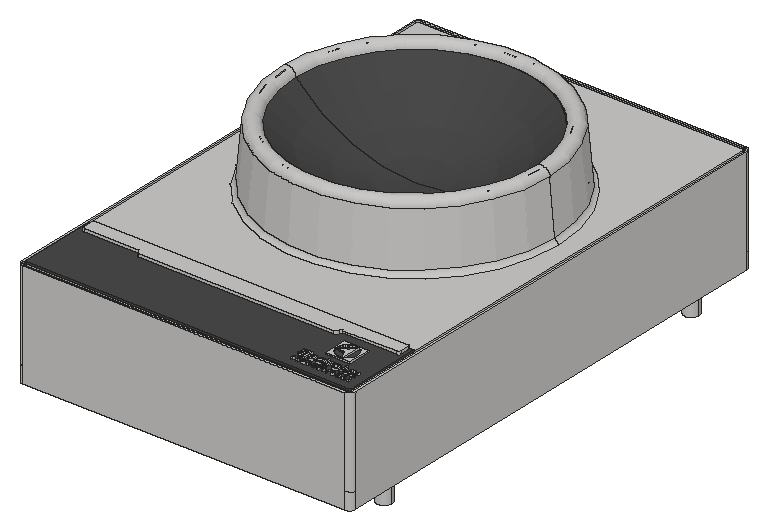
Revit family "QF_ELECTROLUXPROFESSIONAL_600881_E1HCEEOMCS", category Specialty Equipment, Revit 2018 (continued)
Automatic sketch dimensions
  Revolve 8 sketch curve to Revolve 8 sketch curve = 7.736 mm
  Revolve 8 sketch curve to Revolve 8 sketch curve = 61.636 mm
  Revolve 8 sketch curve to Revolve 8 sketch curve = 1.364 mm
  Revolve 8 sketch curve to plane 19 = 64 mm
  Revolve 9 sketch curve to plane 5 "RIGHT" = 57.203 mm
  Revolve 9 sketch curve to Revolve 9 sketch curve = 2 mm
  radius of Extrusion 5 sketch curve = 9 mm  (x4)
  radius of Extrusion 6 sketch curve = 10 mm
Nested families
  nested 1: "ELX_Logo_Professional" at (-364.269, -185.263, 916), visible <- "Show Logo", type "ELX_Logo_Professional"
Connectors
  electrical at (-442.269, 179.737, 778.028)
    settings: on Extrusion 6, index 1, voltage 0 V, apparent load 0 VA, apparent load phase1 0 VA, apparent load phase2 0 VA, apparent load phase3 0 VA, power factor 1, load classification "Altro", number of poles 1, system type 30, power factor state 1, is connector primary yes, connector utility no, sub classification motor no, connector description "Electrical"
Definition of nested family "ELX_Logo_Professional"
  Parameters (values of type "ELX_Logo_Professional")
    Default Elevation = 0 mm
  Reference planes
    plane 1 "Centro (Fronte/Retro)": y = 0
    plane 2: z = 0
    plane 3 "Centro (Sinistra/Destra)": x = 0
  Forms (mm)
    Extrusion 1, solid
      sketch origin (0, 0, 0) x (1, 0, 0) y (0, 1, 0)
        loop
          line (-1219.2, 1219.2) -> (-1219.2, -1219.2) -> (1219.2, -1219.2) -> (1219.2, 1219.2) -> (-1219.2, 1219.2)
      from 0 to -304.8
    Extrusion 2, solid
      sketch origin (-144.622, -1081.55, 0) x (-1, 0, 0) y (0, -1, 0)
        loop
          line (-130.265, -1113.361) -> (-130.265, -1084.645) -> (-158.979, -1084.645) -> (-158.979, -1113.361) -> (-130.265, -1113.361)
        loop
          arc (-146.24, -1106.937) -> (-147.076, -1109.166) -> (-147.324, -1111.534) r 9.395
          arc (-147.324, -1111.534) -> (-145.139, -1111.806) -> (-142.939, -1111.706) r 13.008
          line (-142.939, -1111.706) -> (-141.329, -1111.382) -> (-139.8, -1110.859) -> (-138.364, -1110.152) -> (-137.035, -1109.277) -> (-135.826, -1108.249) -> (-134.751, -1107.081) -> (-133.821, -1105.789) -> (-133.05, -1104.389) -> (-132.452, -1102.893) -> (-132.039, -1101.318) -> (-131.824, -1099.675) -> (-134.539, -1099.675) -> (-136.155, -1099.784) -> (-137.741, -1100.101) -> (-139.277, -1100.613) -> (-140.74, -1101.304) -> (-142.111, -1102.159) -> (-143.367, -1103.165) -> (-144.488, -1104.306) -> (-145.453, -1105.568) -> (-146.24, -1106.937)
        loop
          line (-148.67, -1086.844) -> (-150.173, -1087.464) -> (-151.57, -1088.253) -> (-152.847, -1089.196) -> (-153.992, -1090.281) -> (-154.994, -1091.494) -> (-155.841, -1092.821) -> (-156.519, -1094.25) -> (-157.018, -1095.766) -> (-157.324, -1097.357) -> (-157.427, -1099.009) -> (-157.315, -1100.685) -> (-156.998, -1102.296) -> (-156.488, -1103.827) -> (-155.799, -1105.265) -> (-154.946, -1106.596) -> (-153.94, -1107.806) -> (-152.796, -1108.882) -> (-151.528, -1109.81) -> (-150.148, -1110.576) -> (-148.67, -1111.167) -> (-148.67, -1086.844)
        loop
          arc (-147.323, -1086.473) -> (-147.041, -1088.83) -> (-146.239, -1091.065) r 10.532
          line (-146.239, -1091.065) -> (-145.452, -1092.432) -> (-144.488, -1093.693) -> (-143.367, -1094.833) -> (-142.111, -1095.838) -> (-140.741, -1096.693) -> (-139.278, -1097.383) -> (-137.743, -1097.894) -> (-136.157, -1098.211) -> (-134.541, -1098.32) -> (-131.822, -1098.32) -> (-131.976, -1096.81) -> (-132.312, -1095.353) -> (-132.818, -1093.961) -> (-133.481, -1092.644) -> (-134.291, -1091.416) -> (-135.235, -1090.288) -> (-136.302, -1089.272) -> (-137.48, -1088.379) -> (-138.757, -1087.622) -> (-140.121, -1087.012) -> (-141.56, -1086.561) -> (-143.063, -1086.281) -> (-144.633, -1086.183)
          arc (-144.633, -1086.183) -> (-145.985, -1086.264) -> (-147.323, -1086.473) r 14.39
        loop
          line (-111.329, -1069.559) -> (-111.329, -1071.073) -> (-116.048, -1071.073) -> (-116.048, -1072.896) -> (-111.328, -1072.896) -> (-111.328, -1075.549) -> (-116.349, -1075.549) -> (-116.349, -1077.368) -> (-109.396, -1077.368) -> (-109.396, -1073.46) -> (-109.396, -1069.659)
          arc (-109.396, -1069.659) -> (-110.425, -1067.175) -> (-112.909, -1066.146) r 3.513
          line (-112.909, -1066.146) -> (-116.483, -1066.146) -> (-116.483, -1067.963) -> (-112.925, -1067.963)
          arc (-112.925, -1067.963) -> (-111.797, -1068.431) -> (-111.329, -1069.559) r 1.596
        loop
          line (-119.79, -1077.358) -> (-117.856, -1077.358) -> (-117.856, -1072.053) -> (-117.856, -1066.132) -> (-119.79, -1066.132) -> (-119.79, -1072.092) -> (-119.79, -1077.358)
        loop
          line (-122.986, -1069.718) -> (-129.327, -1069.718)
          arc (-129.327, -1069.718) -> (-129.219, -1071.449) -> (-128.497, -1073.026) r 4.757
          arc (-128.497, -1073.026) -> (-125.237, -1074.5) -> (-121.978, -1073.026) r 4.34
          arc (-121.978, -1073.026) -> (-121.072, -1070.207) -> (-121.978, -1067.388) r 4.838
          arc (-121.978, -1067.388) -> (-125.393, -1065.933) -> (-128.809, -1067.388) r 4.737
          line (-128.809, -1067.388) -> (-127.645, -1068.52)
          arc (-127.645, -1068.52) -> (-125.509, -1067.576) -> (-123.374, -1068.52) r 2.888
          arc (-123.374, -1068.52) -> (-123.05, -1069.077) -> (-122.986, -1069.718) r 1.527
        loop
          arc (-127.386, -1071.076) -> (-126.67, -1072.331) -> (-125.331, -1072.872) r 2.201
          arc (-125.331, -1072.872) -> (-123.848, -1072.402) -> (-123.033, -1071.076) r 2.23
          line (-123.033, -1071.076) -> (-127.386, -1071.076)
        loop
          line (-136.862, -1071.886) -> (-138.059, -1073.132)
          arc (-138.059, -1073.132) -> (-130.327, -1070.219) -> (-138.059, -1067.306) r 4.415
          line (-138.059, -1067.306) -> (-136.862, -1068.553)
          arc (-136.862, -1068.553) -> (-132.252, -1070.22) -> (-136.862, -1071.886) r 2.606
        loop
          line (-141.192, -1069.673) -> (-141.192, -1072.494) -> (-142.951, -1072.494) -> (-142.951, -1074.25) -> (-141.195, -1074.25) -> (-141.195, -1077.358) -> (-139.262, -1077.358) -> (-139.262, -1073.332) -> (-139.262, -1069.514)
          arc (-139.262, -1069.514) -> (-140.299, -1066.92) -> (-142.98, -1066.132) r 3.196
          line (-142.98, -1066.132) -> (-142.987, -1067.949)
          arc (-142.987, -1067.949) -> (-141.652, -1068.356) -> (-141.192, -1069.673) r 1.542
        loop
          line (-146.494, -1073.042) -> (-146.494, -1074.25) -> (-144.576, -1074.25) -> (-144.576, -1070.271) -> (-144.576, -1066.132) -> (-146.494, -1066.132) -> (-146.494, -1070.401)
          arc (-146.494, -1070.401) -> (-147.446, -1072.228) -> (-149.489, -1072.494) r 2.229
          line (-149.489, -1072.494) -> (-149.489, -1074.362)
          arc (-149.489, -1074.362) -> (-147.761, -1074.226) -> (-146.494, -1073.042) r 2.627
        loop
          line (-159.833, -1072.246) -> (-159.833, -1066.131) -> (-161.767, -1066.131) -> (-161.767, -1072.17) -> (-161.767, -1077.359) -> (-159.833, -1077.359) -> (-159.833, -1072.246)
        loop
          line (-165.194, -1069.514) -> (-165.194, -1074.25) -> (-163.245, -1074.25) -> (-163.245, -1071.898) -> (-163.245, -1069.098)
          arc (-163.245, -1069.098) -> (-166.96, -1065.769) -> (-170.687, -1069.085) r 3.745
          line (-170.687, -1069.085) -> (-170.687, -1071.898) -> (-170.687, -1074.25) -> (-168.739, -1074.25) -> (-168.739, -1069.514)
          arc (-168.739, -1069.514) -> (-166.967, -1067.742) -> (-165.194, -1069.514) r 1.772
        loop
          line (-174.654, -1070.416) -> (-172.975, -1068.078) -> (-171.578, -1066.131) -> (-173.656, -1066.131) -> (-175.717, -1068.999) -> (-177.779, -1066.131) -> (-179.857, -1066.131) -> (-178, -1068.728) -> (-176.781, -1070.433) -> (-178.29, -1072.488) -> (-179.583, -1074.25) -> (-177.473, -1074.25) -> (-175.717, -1071.818) -> (-173.945, -1074.25) -> (-171.852, -1074.25) -> (-173.052, -1072.608) -> (-174.654, -1070.416)
        loop
          circle (-154.223, -1070.188) r 2.508
        loop
          circle (-154.223, -1070.188) r 4.42
        loop
          line (-110.224, -1058.542) -> (-111.194, -1058.542)
          arc (-111.194, -1058.542) -> (-112.217, -1059.95) -> (-110.924, -1061.114) r 1.3
          line (-110.924, -1061.114) -> (-109.424, -1061.114) -> (-109.424, -1057.223) -> (-110.224, -1057.223) -> (-110.224, -1058.542)
        loop
          line (-110.224, -1060.379) -> (-110.224, -1059.293) -> (-111.03, -1059.293)
          arc (-111.03, -1059.293) -> (-111.43, -1059.836) -> (-111.03, -1060.379) r 0.569
          line (-111.03, -1060.379) -> (-110.224, -1060.379)
        loop
          line (-116.302, -1058.564) -> (-117.128, -1058.564) -> (-117.934, -1057.223) -> (-118.841, -1057.223) -> (-117.833, -1058.884)
          arc (-117.833, -1058.884) -> (-118.214, -1060.282) -> (-117.028, -1061.114) r 1.26
          line (-117.028, -1061.114) -> (-115.503, -1061.114) -> (-115.503, -1057.223) -> (-116.302, -1057.223) -> (-116.302, -1058.564)
        loop
          line (-116.302, -1060.379) -> (-116.302, -1059.293) -> (-117.109, -1059.293)
          arc (-117.109, -1059.293) -> (-117.508, -1059.836) -> (-117.109, -1060.379) r 0.569
          line (-117.109, -1060.379) -> (-116.302, -1060.379)
        loop
          line (-128.923, -1057.223) -> (-129.723, -1057.223) -> (-129.723, -1058.714) -> (-131.187, -1058.714) -> (-131.187, -1059.514) -> (-129.723, -1059.514) -> (-129.723, -1060.314) -> (-131.327, -1060.314) -> (-131.327, -1061.114) -> (-128.923, -1061.114) -> (-128.923, -1057.223)
        loop
          arc (-134.628, -1058.469) -> (-134.992, -1057.588) -> (-135.874, -1057.223) r 1.246
          line (-135.874, -1057.223) -> (-137.13, -1057.223) -> (-137.13, -1058.023) -> (-135.969, -1058.023)
          arc (-135.969, -1058.023) -> (-135.53, -1058.237) -> (-135.427, -1058.714) r 0.558
          line (-135.427, -1058.714) -> (-136.984, -1058.714) -> (-136.984, -1059.514) -> (-135.427, -1059.514) -> (-135.427, -1060.314) -> (-137.092, -1060.314) -> (-137.092, -1061.114) -> (-134.628, -1061.114) -> (-134.628, -1058.469)
        loop
          line (-152.3, -1057.223) -> (-153.1, -1057.223) -> (-153.1, -1061.114) -> (-152.3, -1061.114) -> (-152.3, -1057.223)
        loop
          line (-164.67, -1057.223) -> (-164.67, -1059.67) -> (-166.45, -1057.223) -> (-167.25, -1057.223) -> (-167.25, -1061.114) -> (-166.42, -1061.114) -> (-166.42, -1058.594) -> (-164.64, -1061.114) -> (-163.84, -1061.114) -> (-163.84, -1057.223) -> (-164.67, -1057.223)
        loop
          line (-170.403, -1057.223) -> (-171.262, -1057.223) -> (-171.641, -1058.063) -> (-173.08, -1058.063) -> (-173.459, -1057.223) -> (-174.317, -1057.223) -> (-172.796, -1061.113) -> (-171.996, -1061.113) -> (-170.403, -1057.223)
        loop
          line (-177.493, -1057.223) -> (-179.789, -1057.223) -> (-179.789, -1058.023) -> (-178.293, -1058.023) -> (-178.293, -1061.114) -> (-177.493, -1061.114) -> (-177.493, -1057.223)
        loop
          line (-172.362, -1059.848) -> (-171.945, -1058.83) -> (-172.76, -1058.83) -> (-172.362, -1059.848)
        loop
          circle (-158.484, -1059.145) r 1.288
        loop
          circle (-158.484, -1059.145) r 2.065
        loop
          arc (-146.04, -1058.095) -> (-146.933, -1057.275) -> (-148.145, -1057.245) r 1.725
          arc (-148.145, -1057.245) -> (-148.965, -1058.02) -> (-148.68, -1059.111) r 1.107
          arc (-148.68, -1059.111) -> (-148.103, -1059.465) -> (-147.486, -1059.746) r 5.523
          arc (-147.486, -1059.746) -> (-147.147, -1060.262) -> (-147.708, -1060.52) r 0.407
          arc (-147.708, -1060.52) -> (-148.045, -1060.315) -> (-148.325, -1060.038) r 1.702
          line (-148.325, -1060.038) -> (-149.011, -1060.45)
          arc (-149.011, -1060.45) -> (-148.578, -1060.911) -> (-148.043, -1061.247) r 2.463
          arc (-148.043, -1061.247) -> (-146.373, -1060.466) -> (-147.42, -1058.949) r 1.207
          spline (-147.42, -1058.949) -> (-147.716, -1058.809) -> (-147.932, -1058.678) -> (-148.077, -1058.557) -> (-148.163, -1058.446) -> (-148.198, -1058.347) -> (-148.192, -1058.258) -> (-148.157, -1058.182) -> (-148.102, -1058.118) -> (-148.037, -1058.068) -> (-147.972, -1058.031) -> (-147.917, -1058.008) -> (-147.883, -1058)
          arc (-147.883, -1058) -> (-147.238, -1058.014) -> (-146.759, -1058.446) r 0.925
          line (-146.759, -1058.446) -> (-146.04, -1058.095)
        loop
          arc (-140.18, -1058.095) -> (-141.073, -1057.275) -> (-142.285, -1057.245) r 1.725
          arc (-142.285, -1057.245) -> (-143.106, -1058.02) -> (-142.821, -1059.111) r 1.107
          arc (-142.821, -1059.111) -> (-142.243, -1059.465) -> (-141.627, -1059.746) r 5.523
          arc (-141.627, -1059.746) -> (-141.287, -1060.262) -> (-141.849, -1060.52) r 0.407
          arc (-141.849, -1060.52) -> (-142.185, -1060.315) -> (-142.466, -1060.038) r 1.702
          line (-142.466, -1060.038) -> (-143.151, -1060.45)
          arc (-143.151, -1060.45) -> (-142.719, -1060.911) -> (-142.183, -1061.247) r 2.463
          arc (-142.183, -1061.247) -> (-140.513, -1060.466) -> (-141.56, -1058.949) r 1.207
          spline (-141.56, -1058.949) -> (-141.856, -1058.809) -> (-142.072, -1058.678) -> (-142.218, -1058.557) -> (-142.303, -1058.446) -> (-142.338, -1058.347) -> (-142.333, -1058.258) -> (-142.298, -1058.182) -> (-142.242, -1058.118) -> (-142.177, -1058.068) -> (-142.112, -1058.031) -> (-142.057, -1058.008) -> (-142.023, -1058)
          arc (-142.023, -1058) -> (-141.378, -1058.014) -> (-140.9, -1058.446) r 0.925
          line (-140.9, -1058.446) -> (-140.18, -1058.095)
        loop
          circle (-123.484, -1059.145) r 1.288
        loop
          circle (-123.484, -1059.145) r 2.065
      from 0 to 1.6
  Dimensions and locks
    aligned and locked: plane 2 to Extrusion 1
    aligned and locked: level to Extrusion 1
Types (2, lengths in mm): name | Volts | URL | Manufacturer | Phase | Model | Item Number | Description | Cycle
  (no name) | 0 V | "" | "" | 0 | "" | "" | "" | 0 Hz
  Standard | 220 V | "http://professional.electrolux.com" | "Electrolux Professional" | 1 | "E1HCEEOMCS" | "600881" | "PLUG-IN INDUCTION WOK" | 60 Hz
